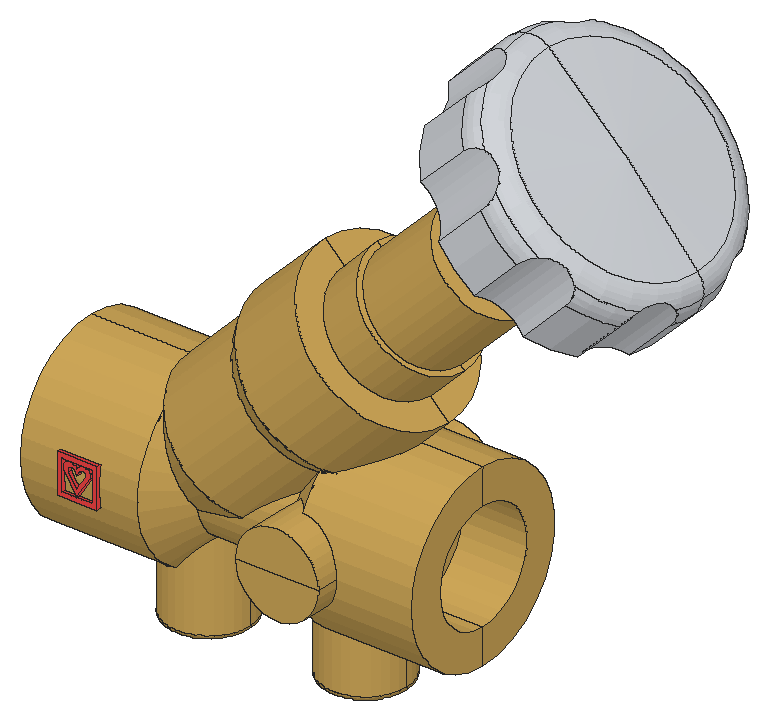
Revit family "Запорный клапан 4125 D", category Rohrzubehör, Revit 2018
Family settings
  Bemaßung runder Anschluss = Durchmesser verwenden
  Teiletyp = Unterbricht
  OmniClass-Nummer = 23.65.55.14
  OmniClass-Titel = Valves for Liquid Services
  Arbeitsebenenbasiert = Nein
  Immer vertikal = Ja
  Beim Laden mit Abzugskörper schneiden = Nein
  Gemeinsam genutzt = Nein
Parameters
  Шпиндель = "Латунь CW617N"  # constant formula
  Уплотнение = "EPDM"  # constant formula
  Среда = "Качество теплоносителя в соответствии с ÖNORM H5195 и/или предписаниями VDI 2035.\r\nРазрешается использование смеси этилен- или пропиленгликоля в соотношении 25-50% с водой."
  Область применения = "Для перекрытия трубопроводов в системах отопления и холодоснабжения."
  Номер заказа [instance] = size_lookup("4125D_", "Artnr", 0, Nennweite)  # 1412563
  Маховик = "Пластик"  # constant formula
  Макс. рабочее давление = 2000000.0 Pa  # constant formula
  Макс. рабочая температура = 110 °C  # constant formula
  Корпус = "Латунь, устойчивая к селективной цинковой коррозии, CC752S"  # constant formula
  Конус = "Латунь, устойчивая к селективной цинковой коррозии, CW602N"  # constant formula
  Исполнение = "STRÖMAX-D-запорный клапан с наклонным шпинделем, латунный корпус без покрытия, модель с длинными резьбовыми муфтами, неподнимающийся шпиндель, уплотнение шпинделя с помощью двойных уплотнительных колец O-Ring."
  Букса = "Латунь, устойчивая к селективной цинковой коррозии, CW602N"  # constant formula
  W01 = 45.00°  # constant formula
  URL = "www.herz-armaturen.ru"
  SW01 = 60.00°  # constant formula
  SCRNSEQ = "ARM;ARM_TYP=\"ABSV\";2"
  SCRNCODE = "05;07;02"  # constant formula
  S03 = 60.000 mm  # constant formula
  S02 [instance] = L06 + L09 + L12 + L15  # 113.800 mm
  S01 [instance] = R01 * 2  # 41.000 mm
  R12 [instance] = R01 - 1.000 mm  # 19.500 mm
  R11 [instance] = size_lookup("4125D_", "R11", 1.000 mm, Nennweite)  # 6.000 mm
  R100 = 1.000 mm  # constant formula
  R10 [instance] = size_lookup("4125D_", "R10", 1.000 mm, Nennweite)  # 9.000 mm
  R09 [instance] = size_lookup("4125D_", "R9", 1.000 mm, Nennweite)  # 12.750 mm
  R08 [instance] = size_lookup("4125D_", "R8", 1.000 mm, Nennweite)  # 14.000 mm
  R07 [instance] = size_lookup("4125D_", "R7", 1.000 mm, Nennweite)  # 20.000 mm
  R06 [instance] = size_lookup("4125D_", "R6", 1.000 mm, Nennweite)  # 17.750 mm
  R05 [instance] = Nennweite / 2  # 12.500 mm
  R04 [instance] = size_lookup("4125D_", "R4", 1.000 mm, Nennweite)  # 9.500 mm
  R03 = 9.500 mm  # constant formula
  R02 [instance] = Nennweite / 2  # 12.500 mm
  R01 [instance] = size_lookup("4125D_", "R1", 1.000 mm, Nennweite)  # 20.500 mm
  Nennweite [instance] = 25.000 mm
  Макс. перепад давления на закрытом клапане = 1000000.0 Pa  # constant formula
  L16 [instance] = L01 / 2  # 13.500 mm
  L15 [instance] = size_lookup("4125D_", "L15", 1.000 mm, Nennweite)  # 12.400 mm
  L14 [instance] = size_lookup("4125D_", "L14", 1.000 mm, Nennweite)  # 12.000 mm
  L12 [instance] = size_lookup("4125D_", "L12", 1.000 mm, Nennweite)  # 43.400 mm
  L11 [instance] = size_lookup("4125D_", "L11", 1.000 mm, Nennweite)  # 22.400 mm
  L10 [instance] = size_lookup("4125D_", "L10", 1.000 mm, Nennweite)  # 11.000 mm
  L09 [instance] = size_lookup("4125D_", "L9", 1.000 mm, Nennweite)  # 19.500 mm
  L08 [instance] = size_lookup("4125D_", "L8", 1.000 mm, Nennweite)  # 34.000 mm
  L07 [instance] = size_lookup("4125D_", "L7", 1.000 mm, Nennweite)  # 18.000 mm
  L06 [instance] = size_lookup("4125D_", "L6", 1.000 mm, Nennweite) - L09  # 38.500 mm
  L05 [instance] = size_lookup("4125D_", "L5", 1.000 mm, Nennweite)  # 25.500 mm
  L04 [instance] = size_lookup("4125D_", "L4", 1.000 mm, Nennweite)  # 25.500 mm
  L03 = 15.000 mm  # constant formula
  L02 [instance] = size_lookup("4125D_", "L2", 1.000 mm, Nennweite)  # 11.000 mm
  L01 [instance] = size_lookup("4125D_", "L1", 1.000 mm, Nennweite)  # 27.000 mm
  L00 [instance] = size_lookup("4125D_", "L", 1.000 mm, Nennweite)  # 90.000 mm
  Hersteller = "HERZ Armaturen Ges.m.b.H."  # constant formula
  H01 [instance] = size_lookup("4125D_", "H1", 1.000 mm, Nennweite)  # 32.000 mm
  DN80 [instance] = Nennweite = 80.000 mm  # no
  DN65 [instance] = Nennweite = 65.000 mm  # no
  DN50 [instance] = Nennweite = 50.000 mm  # no
  DN40 [instance] = Nennweite = 40.000 mm  # no
  DN32 [instance] = Nennweite = 32.000 mm  # no
  DN25-DN80 [instance] = or(Nennweite = 25.000 mm, Nennweite = 32.000 mm, Nennweite = 40.000 mm, Nennweite = 50.000 mm, Nennweite = 65.000 mm, Nennweite = 80.000 mm)  # yes
  DN25 [instance] = Nennweite = 25.000 mm  # yes
  DN20 [instance] = Nennweite = 20.000 mm  # no
  DN15 [instance] = Nennweite = 15.000 mm  # no
Reference planes
  plane 1 "Mitte (Vorne/hinten)": y = 0
  plane 2: z = 0
  plane 3 "Mitte (Links/rechts)": x = 0
Forms (mm)
  Revolve 1, solid, material "Messing, weicher Gelbton, geschweißt", detail levels fine
    sketch origin (470, 0, 0) x (1, 0, 0) y (0, 0, 1)
      loop
        line (-515, 12.5) -> (-500, 12.5) -> (-500, 0) -> (-440, 0) -> (-440, 12.5) -> (-425, 12.5) -> (-425, 20.5) -> (-452, 20.5) -> (-459, 12.5) -> (-481, 12.5) -> (-488, 20.5) -> (-515, 20.5) -> (-515, 12.5)
      axis (-515, 0) -> (-425, 0)
    angle from 0 to 360
  Revolve 2, solid, material "Messing, weicher Gelbton, geschweißt", detail levels fine
    sketch origin (470, 0, 0) x (1, 0, 0) y (0, 0, 1)
      loop
        line (-497.5, 0) -> (-497.5, -31)
        arc (-497.5, -31) -> (-497.207, -31.707) -> (-496.5, -32) r 1
        line (-496.5, -32) -> (-488, -32) -> (-488, 0) -> (-497.5, 0)
      axis (-488, 0) -> (-488, -32)
    angle from 0 to 360
  Revolve 3, solid, material "Messing, weicher Gelbton, geschweißt", detail levels fine
    sketch origin (0, 0, 0) x (1, 0, 0) y (0, 1, 0)
      loop
        line (18, -25.5) -> (27.5, -25.5) -> (27.5, 25.5) -> (18, 25.5) -> (18, -25.5)
      axis (18, -25.5) -> (18, 25.5)
    angle from 0 to 360
  Revolve 4, solid, material "Messing, weicher Gelbton, geschweißt", visible <- "DN25-DN80", detail levels fine
    sketch origin (-470, 0, 0) x (-1, 0, 0) y (0, 0, 1)
      loop
        line (-497.5, 0) -> (-497.5, -31)
        arc (-497.5, -31) -> (-497.207, -31.707) -> (-496.5, -32) r 1
        line (-496.5, -32) -> (-488, -32) -> (-488, 0) -> (-497.5, 0)
      axis (-488, 0) -> (-488, -32)
    angle from 0 to 360
  Revolve 5, solid, material "Messing, weicher Gelbton, geschweißt", detail levels fine
    sketch origin (0.32, 0, -0.105) x (1, 0, 0) y (0, 0, 1)
      loop
        line (-18.32, 0) -> (62.149, 80.469) -> (57.906, 84.711) -> (49.138, 75.943) -> (47.017, 78.065) -> (39.946, 70.994) -> (37.294, 73.645) -> (21.455, 57.806) -> (20.571, 58.69) -> (12.793, 50.912) -> (8.55, 55.154) -> (-5.239, 41.366) -> (-6.83, 36.593) -> (-22.386, 21.036) -> (-27.159, 8.839) -> (-18.32, 0)
      axis (-18.32, 0) -> (62.149, 80.469)
    angle from 0 to 360
Lines and regions (mm)
  model lines, detail levels coarse+medium
    curve 1: line (-45, 0, 20.5) -> (-45, 0, -20.5)
    curve 2: line (-45, 0, -20.5) -> (45, 0, 20.5)
    curve 3: line (45, 0, 20.5) -> (45, 0, -20.5)
    curve 4: line (45, 0, -20.5) -> (-45, 0, 20.5)
    curve 5: line (0, 0, 0) -> (56.9, 0, 98.554)
    curve 6: line (30.919, 0, 113.554) -> (82.881, 0, 83.554)
    curve 7: line (-45, -20.5, 0) -> (-45, 20.5, 0)
    curve 8: line (-45, 20.5, 0) -> (45, -20.5, 0)
    curve 9: line (45, -20.5, 0) -> (45, 20.5, 0)
    curve 10: line (45, 20.5, 0) -> (-45, -20.5, 0)
    curve 11: line (0, 0, 0) -> (56.9, 98.554, 0)
    curve 12: line (30.919, 113.554, 0) -> (82.881, 83.554, 0)
Dimensions and locks
  "H01": plane 2 to Revolve 2 sketch curve
  "L00": Revolve 1 sketch curve to Revolve 1 sketch curve
  equal spacing: Revolve 1 sketch curve, plane 3 "Mitte (Links/rechts)", Revolve 1 sketch curve
  "R01": Revolve 1 sketch curve to Revolve 1 sketch curve  (x2)
  "R02": Revolve 1 sketch curve to Revolve 1 sketch curve  (x3)
  "L01": Revolve 1 sketch curve to Revolve 1 sketch curve  (x2)
  "L02": plane 3 "Mitte (Links/rechts)" to Revolve 1 sketch curve
  "L02": Revolve 1 sketch curve to plane 3 "Mitte (Links/rechts)"
  "L03": Revolve 1 sketch curve to Revolve 1 sketch curve  (x2)
  "L01": Revolve 1 to Revolve 2 sketch curve
  "R03": Revolve 2 sketch curve to Revolve 2 sketch curve
  "L01": Revolve 4 sketch curve to Revolve 1
  "R03": Revolve 4 sketch curve to Revolve 4 sketch curve
  "H01": plane 2 to Revolve 4 sketch curve
  "L04": Revolve 3 sketch curve to plane 1 "Mitte (Vorne/hinten)"
  "L05": plane 1 "Mitte (Vorne/hinten)" to Revolve 3 sketch curve
  "R04": Revolve 3 sketch curve to Revolve 3 sketch curve
  "L01": Revolve 3 sketch curve to Revolve 1
  "R07": Revolve 5 sketch curve to Revolve 5 sketch curve
  "L07": plane 3 "Mitte (Links/rechts)" to Revolve 5 sketch curve
  "R05": Revolve 5 sketch curve to Revolve 5 sketch curve
  "L06": Revolve 5 sketch curve to Revolve 5 sketch curve
  "L08": Revolve 5 sketch curve to Revolve 5 sketch curve
  "R06": Revolve 5 sketch curve to Revolve 5 sketch curve
  "L14": Revolve 5 sketch curve to Revolve 5 sketch curve
  "L09": Revolve 5 sketch curve to Revolve 5 sketch curve
  "R08": Revolve 5 sketch curve to Revolve 5 sketch curve
  "L10": Revolve 5 sketch curve to Revolve 5 sketch curve
  "R09": Revolve 5 sketch curve to Revolve 5 sketch curve
  "R10": Revolve 5 sketch curve to Revolve 5 sketch curve
  "L12": Revolve 5 sketch curve to Revolve 5 sketch curve
  "R11": Revolve 5 sketch curve to Revolve 5 sketch curve
  "L15": Revolve 5 sketch curve to Revolve 5 sketch curve
  "L11": Revolve 5 sketch curve to Revolve 5 sketch curve
  "R12": nested 9 to plane 1 "Mitte (Vorne/hinten)"
  "L16": Revolve 1 to nested 9
  equal spacing: curve 1, plane 3 "Mitte (Links/rechts)", curve 3
  "L00": curve 1 to curve 3
  equal spacing: curve 4, plane 2, curve 2
  "S01": curve 4 to curve 1
  "S01": curve 3 to curve 4
  equal spacing: curve 3, plane 2, curve 4
  "S02": curve 5 to curve 5
  equal spacing: curve 6, curve 5, curve 6
  "S03": curve 6 to curve 6
  equal spacing: curve 7, plane 3 "Mitte (Links/rechts)", curve 9
  "L00": curve 7 to curve 9
  equal spacing: curve 10, plane 1 "Mitte (Vorne/hinten)", curve 8
  "S01": curve 8 to curve 10
  equal spacing: curve 9, plane 1 "Mitte (Vorne/hinten)", curve 10
  "S01": curve 10 to curve 9
  "S02": curve 11 to curve 11
  equal spacing: curve 12, curve 11, curve 12
  "S03": curve 12 to curve 12
  "R100": radius of Revolve 2 sketch curve
  "R100": radius of Revolve 4 sketch curve
  "W01": angle plane 2 to Revolve 5 sketch curve
  "W01": angle level to Revolve 5 sketch curve
  "SW01": angle plane 2 to curve 5
  "SW01": angle plane 1 "Mitte (Vorne/hinten)" to curve 11
  aligned and locked: level to plane 2
Automatic sketch dimensions
  curve 5 to level = 0.000 mm
  plane 1 "Mitte (Vorne/hinten)" to curve 11 = 0.000 mm
  Revolve 1 sketch curve to level = 0.000 mm  (x2)
  Revolve 1 sketch curve to Revolve 1 sketch curve = 791.990 mm
  Revolve 1 sketch curve to Revolve 1 sketch curve = 2278.983 mm
  Revolve 2 sketch curve to level = 0.000 mm  (x2)
  Revolve 2 sketch curve to Revolve 2 sketch curve = 0.000 mm
  Revolve 2 sketch curve to Revolve 2 sketch curve = 0.292 mm
  Revolve 3 sketch curve to Revolve 3 sketch curve = 0.000 mm  (x3)
  Revolve 4 sketch curve to level = 0.000 mm  (x2)
  Revolve 4 sketch curve to Revolve 4 sketch curve = 0.000 mm
  Revolve 4 sketch curve to Revolve 4 sketch curve = 0.292 mm
  Revolve 5 sketch curve to level = 0.105 mm
  Revolve 5 sketch curve to Revolve 5 sketch curve = 0.000 mm  (x2)
Nested families
  nested 1: "Strömax-Handrad_Schrägsitz" at (42.584, 0, 54.979), visible <- "DN15", type "Strömax-Handrad_Schrägsitz", detail levels fine
    with Nennweite 0.000 mm, Gewicht 0.00 kg, Bestellnummer 0
  nested 2: "Strömax-Handrad_Schrägsitz" at (54.312, 0, 67.707), visible <- "DN20", type "Strömax-Handrad_Schrägsitz", detail levels fine
    with Nennweite 0.000 mm, Gewicht 0.00 kg, Bestellnummer 0
  nested 3: "Strömax-Handrad_Schrägsitz" at (62.469, 0, 80.364), visible <- "DN25", type "Strömax-Handrad_Schrägsitz", detail levels fine
    with Nennweite 0.000 mm, Gewicht 0.00 kg, Bestellnummer 0
  nested 4: "Strömax-Handrad_Schrägsitz" at (71.712, 0, 91.607), visible <- "DN32", type "Strömax-Handrad_Schrägsitz", detail levels fine
    with Nennweite 0.000 mm, Gewicht 0.00 kg, Bestellnummer 0
  nested 5: "Strömax-Handrad_Schrägsitz" at (80.399, 0, 101.294), visible <- "DN40", type "Strömax-Handrad_Schrägsitz", detail levels fine
    with Nennweite 0.000 mm, Gewicht 0.00 kg, Bestellnummer 0
  nested 6: "Strömax-Handrad_Schrägsitz" at (97.83, 0, 129.225), visible <- "DN50", type "Strömax-Handrad_Schrägsitz", detail levels fine
    with Nennweite 0.000 mm, Gewicht 0.00 kg, Bestellnummer 0
  nested 7: "Strömax-Handrad_Schrägsitz" at (114.482, 0, 149.378), visible <- "DN65", type "Strömax-Handrad_Schrägsitz", detail levels fine
    with Nennweite 0.000 mm, Gewicht 0.00 kg, Bestellnummer 0
  nested 8: "Strömax-Handrad_Schrägsitz" at (140.423, 0, 183.319), visible <- "DN80", type "Strömax-Handrad_Schrägsitz", detail levels fine
    with Nennweite 0.000 mm, Gewicht 0.00 kg, Bestellnummer 0
  nested 9: "Herz-Logo-vorne" at (-31.5, -20.232, 0) x (0, 1, 0) z (0, 0, 1), type "Herz-Logo-vorne", detail levels fine
Connectors
  piping at (-30, 0, 0), diameter 25, driven by "Nennweite"
    settings: on Revolve 1, index 1, connector inside diameter 609.6 mm, connector length 0.000 mm, flow factor 0, pipe flow 0.0 L/s, pressure drop 0.0 Pa, fitting loss kfactor 0, connector angle 0.00°, fixture units 0, engagement length 0.000 mm, angle of deflection 0.00°, flow configuration 0, flow direction 1, fitting loss method 0, system type 29, joint type 0, gender type 0, connector reference index -1, connector utility 0, adjustable connector no, is connector primary yes, connector description ""
  piping at (30, 0, 0), diameter 25, driven by "Nennweite"
    settings: on Revolve 1, index 2, connector inside diameter 609.6 mm, connector length 0.000 mm, flow factor 0, pipe flow 0.0 L/s, pressure drop 0.0 Pa, fitting loss kfactor 0, connector angle 0.00°, fixture units 0, engagement length 0.000 mm, angle of deflection 0.00°, flow configuration 0, flow direction 2, fitting loss method 0, system type 29, joint type 0, gender type 0, connector reference index -1, connector utility 0, adjustable connector no, is connector primary no, connector description ""
Definition of nested family "Strömax-Handrad_Schrägsitz"
  Parameters (values of type "Strömax-Handrad_Schrägsitz")
    URL = "www.herz-armaturen.at"
    Nennweite [instance] = 0.000 mm
    Manufacturer = "Herz Armaturen GmbH"  # constant formula
    Gewicht [instance] = 0.00 kg
    Bestellnummer [instance] = 0
  Reference planes
    plane 1 "Mitte (Vorne/hinten)": y = 0
    plane 2: z = 0
    plane 3 "Mitte (Links/rechts)": x = 0
  Forms (mm)
    Revolve 1, solid
      sketch origin (0, 0, 0) x (0.707107, 0, -0.707107) y (0.707107, 0, 0.707107)
        loop
          line (0, 0) -> (0, 22)
          arc (0, 22) -> (-12.15, 21.705) -> (-24.271, 20.819) r 250
          arc (-24.271, 20.819) -> (-26.831, 19.959) -> (-28.754, 18.063) r 6
          arc (-28.754, 18.063) -> (-29.682, 16.008) -> (-30, 13.776) r 8
          line (-30, 13.776) -> (-30, 0) -> (0, 0)
        axis (0, 22) -> (0, 0)
      angle from 0 to 360
    Extrusion 2, void
      sketch origin (0, 0, 0) x (0.707107, 0, -0.707107) y (0, 1, 0)
        loop
          circle (14.351, -34.645) r 10
      from 0 to 22
    Extrusion 3, void
      sketch origin (0, 0, 0) x (-0.707107, 0, 0.707107) y (0, -1, 0)
        loop
          circle (14.351, 34.645) r 10
      from 0 to 22
    Extrusion 4, void
      sketch origin (0, 0, 0) x (0, -1, 0) y (0.707107, 0, -0.707107)
        loop
          circle (14.351, 34.645) r 10
      from 0 to 22
    Extrusion 5, void
      sketch origin (0, 0, 0) x (0, 1, 0) y (-0.707107, 0, 0.707107)
        loop
          circle (14.351, -34.645) r 10
      from 0 to 22
    Extrusion 6, void
      sketch origin (0, 0, 0) x (0, -1, 0) y (0.707107, 0, -0.707107)
        loop
          circle (14.351, -34.645) r 10
      from 0 to 22
    Extrusion 7, void
      sketch origin (0, 0, 0) x (0, 1, 0) y (-0.707107, 0, 0.707107)
        loop
          circle (14.351, 34.645) r 10
      from 0 to 22
    Extrusion 8, void
      sketch origin (0, 0, 0) x (0.707107, 0, -0.707107) y (0, 1, 0)
        loop
          circle (14.351, 34.645) r 10
      from 0 to 22
    Extrusion 9, void
      sketch origin (0, 0, 0) x (-0.707107, 0, 0.707107) y (0, -1, 0)
        loop
          circle (14.351, -34.645) r 10
      from 0 to 22
  Cuts and joins
    Extrusion 2, Extrusion 3, Extrusion 4, Extrusion 5, Extrusion 6, Extrusion 7, Extrusion 8, Extrusion 9 cuts Revolve 1
  Dimensions and locks
    aligned and locked: level to plane 2
Definition of nested family "Herz-Logo-vorne"
  Reference planes
    plane 1 "Mitte (Vorne/hinten)": y = 0
    plane 2: z = 0
    plane 3 "Mitte (Links/rechts)": x = 0
  Forms (mm)
    Extrusion 1, solid
      sketch origin (0.732, -0.018, 0.017) x (0, -1, 0) y (0, 0, 1)
        loop
          line (-0.018, -4.517) -> (4.482, -4.517) -> (4.482, 4.483) -> (-4.518, 4.483) -> (-4.518, -4.517) -> (-0.018, -4.517)
        loop
          line (-0.05, -3.48) -> (3.482, -3.48) -> (3.482, 3.483) -> (-3.518, 3.483) -> (-3.518, -3.48) -> (-0.05, -3.48)
        loop
          arc (-0.018, 2.383) -> (-1.543, 3.287) -> (-3.067, 2.383) r 1.738
          arc (-3.067, 2.383) -> (-3.191, 1.899) -> (-3.067, 1.415) r 1.009
          line (-3.067, 1.415) -> (-0.018, -3.281) -> (3.032, 1.415)
          arc (3.032, 1.415) -> (3.156, 1.899) -> (3.032, 2.383) r 1.009
          arc (3.032, 2.383) -> (1.507, 3.287) -> (-0.018, 2.383) r 1.738
        loop
          arc (1.885, 1.272) -> (2.005, 1.675) -> (1.885, 2.079) r 0.74
          arc (1.885, 2.079) -> (1.265, 2.416) -> (0.644, 2.079) r 0.74
          line (0.644, 2.079) -> (-0.018, 0.97) -> (-0.679, 2.079)
          arc (-0.679, 2.079) -> (-1.3, 2.416) -> (-1.921, 2.079) r 0.74
          arc (-1.921, 2.079) -> (-2.04, 1.675) -> (-1.921, 1.272) r 0.74
          line (-1.921, 1.272) -> (-0.018, -1.658) -> (1.885, 1.272)
      from 0 to 1.5
  Dimensions and locks
    aligned and locked: level to plane 2
